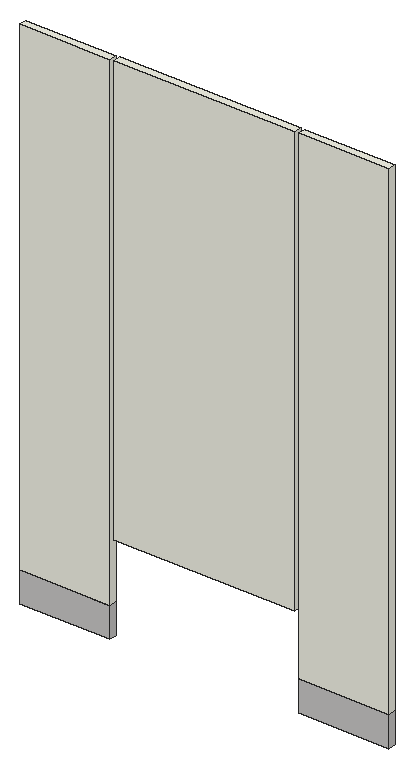
Revit family
Parameters (values of type "B-1041")
  URL = "http://www.bobrick.com"
  Partition Material = Laminated Plastic - Bobrick - Designer White
  Panel Value = if(DoorPanel Width < 1", 1", if(DoorPanel Width > 84", 84", DoorPanel Width))  # 24"
  Model = "B1041 DesignerSeries Floor-Anchored"
  Manufacturer = "Bobrick Washroom Equipment, Inc."
  Inswing Value = if(DoorPanel Width < 22", 22", if(DoorPanel Width > 37", 37", DoorPanel Width))  # 24"
  DoorPanel Width = 24"
  Right Stile Width = 12"
  Right Stile Visible = yes
  Right Stile Value = if(Right Stile Width < 3", 3", if(Right Stile Width > 24", 24", Right Stile Width))  # 12"
  Panel = not(Door Panel)  # no
  Outswing Value = if(DoorPanel Width < 25", 25", if(DoorPanel Width > 37", 37", DoorPanel Width))  # 25"
  Outswing = and(not(Inswing Visibility), Door Panel)  # no
  Left Stile Width = 12"
  Left Stile Visible = yes
  Left Stile Value = if(Left Stile Width < 3", 3", if(Left Stile Width > 24", 24", Left Stile Width))  # 12"
  Inswing Visibility = and(Inswing, Door Panel)  # yes
  Inswing = yes
  Width Value = if(Inswing Visibility, Inswing Value, if(Outswing, Outswing Value, if(Panel, Panel Value, 36")))  # 24"
  Door Panel = yes
  Description = "Partitions and Screens with Laminated Plastic Surfaces and Edges"
  Assembly Code = "C1030200"
  ADA Compliant = yes
Reference planes (in)
  plane 1 "Center (Front/Back)": y = 0
  plane 2: z = 0
  plane 3 "Center (Left/Right)": x = 0
  plane 4: x = -24.5
  plane 5: x = 24.5
  plane 6: y = 0.5
  plane 7: y = -0.5
  plane 8: x = -12.5
  plane 9: x = 12.5
  plane 10: x = -12
  plane 11: x = 12
  plane 12: z = 4
  plane 13: z = 12
  plane 14: z = 69
  plane 15: z = 40.5
  plane 16: y = 24.5
  plane 17: x = 11
Forms (in)
  Extrusion 1, solid, material "Laminated Plastic - Bobrick - Designer White" <- "Partition Material", visible <- "Left Stile Visible"
    sketch origin (0, 0, 0) x (1, 0, 0) y (0, 1, 0)
      loop
        line (-24.5, 0.5) -> (-24.5, -0.5) -> (-12.5, -0.5) -> (-12.5, 0.5) -> (-24.5, 0.5)
    from 4 to 69
  Extrusion 2, solid, material "Stainless Steel - Bobrick - Satin", visible <- "Left Stile Visible"
    sketch origin (0, 0, 0) x (1, 0, 0) y (0, 1, 0)
      loop
        line (-24.5, 0.5) -> (-24.5, -0.5) -> (-12.5, -0.5) -> (-12.5, 0.5) -> (-24.5, 0.5)
    from 0 to 4
  Extrusion 3, solid, material "Laminated Plastic - Bobrick - Designer White" <- "Partition Material"
    sketch origin (0, 0, 0) x (1, 0, 0) y (0, 1, 0)
      loop
        line (-12, 0.5) -> (-12, -0.5) -> (12, -0.5) -> (12, 0.5) -> (-12, 0.5)
    from 12 to 69
  Extrusion 4, solid, material "Laminated Plastic - Bobrick - Designer White" <- "Partition Material", visible <- "Right Stile Visible"
    sketch origin (0, 0, 0) x (-1, 0, 0) y (0, -1, 0)
      loop
        line (-24.5, -0.5) -> (-12.5, -0.5) -> (-12.5, 0.5) -> (-24.5, 0.5) -> (-24.5, -0.5)
    from 4 to 69
  Extrusion 5, solid, material "Stainless Steel - Bobrick - Satin", visible <- "Right Stile Visible"
    sketch origin (0, 0, 0) x (-1, 0, 0) y (0, -1, 0)
      loop
        line (-24.5, -0.5) -> (-12.5, -0.5) -> (-12.5, 0.5) -> (-24.5, 0.5) -> (-24.5, -0.5)
    from 0 to 4
Lines and regions (in)
  Masking region 1, visible <- "Left Stile Visible"
    outline origin (0, 0, 0) x (1, 0, 0) y (0, 0, 1)
      loop
        line (-24.5, 69) -> (-24.5, 0) -> (-12.5, 0) -> (-12.5, 69) -> (-24.5, 69)
  Masking region 2
    outline origin (0, 0, 0) x (1, 0, 0) y (0, 0, 1)
      loop
        line (-12, 69) -> (-12, 12) -> (12, 12) -> (12, 69) -> (-12, 69)
  Masking region 3, visible <- "Right Stile Visible"
    outline origin (0, 0, 0) x (1, 0, 0) y (0, 0, 1)
      loop
        line (12.5, 69) -> (12.5, 0) -> (24.5, 0) -> (24.5, 69) -> (12.5, 69)
  Masking region 4, visible <- "Door Panel"
    outline origin (0, 0, 0) x (1, 0, 0) y (0, 1, 0)
      loop
        line (11, 24.5) -> (11, 0.5) -> (12, 0.5) -> (12, 24.5) -> (11, 24.5)
  Masking region 5, visible <- "Left Stile Visible"
    outline origin (0, 0, 0) x (1, 0, 0) y (0, 1, 0)
      loop
        line (-24.5, 0.5) -> (-24.5, -0.5) -> (-12.5, -0.5) -> (-12.5, 0.5) -> (-24.5, 0.5)
  Masking region 6, visible <- "Right Stile Visible"
    outline origin (0, 0, 0) x (1, 0, 0) y (0, 1, 0)
      loop
        line (12.5, 0.5) -> (12.5, -0.5) -> (24.5, -0.5) -> (24.5, 0.5) -> (12.5, 0.5)
  Masking region 7, visible <- "Panel"
    outline origin (0, 0, 0) x (1, 0, 0) y (0, 1, 0)
      loop
        line (-12, -0.5) -> (12, -0.5) -> (12, 0.5) -> (-12, 0.5) -> (-12, -0.5)
  Masking region 8
    outline origin (0, 0, 0) x (0, 1, 0) y (0, 0, 1)
      loop
        line (0.5, 69) -> (-0.5, 69) -> (-0.5, 0) -> (0.5, 0) -> (0.5, 69)
  symbolic lines, visible <- "Left Stile Visible"
    curve 1: line (-24.5, 0, 4) -> (-12.5, 0, 4)
  symbolic lines, visible <- "Right Stile Visible"
    curve 2: line (12.5, 0, 4) -> (24.5, 0, 4)
  symbolic lines, style "Partition Elevation Swing", visible <- "Door Panel"
    curve 3: line (-12, 0, 69) -> (12, 0, 40.39791)
    curve 4: line (12, 0, 40.39791) -> (-12, 0, 12)
    curve 5: arc (-12, 0.5, 0) -> (-4.97056, 17.47056, 0) -> (12, 24.5, 0) r 24
  symbolic lines, style "Partition"
    curve 6: line (0, 0.5, 4) -> (0, -0.5, 4)
Dimensions and locks (in)
  equal spacing: host sketch curve, plane 1 "Center (Front/Back)", host sketch curve
  equal spacing: host sketch curve, plane 3 "Center (Left/Right)", host sketch curve
  host sketch curve to host sketch curve = 120"  (x2)
  locked: plane 8 to plane 10 at 0.5
  locked: plane 11 to plane 9 at 0.5
  "Width Value": plane 10 to plane 11
  equal spacing: plane 10, plane 3 "Center (Left/Right)", plane 11
  "Left Stile Value": plane 4 to plane 8
  "Right Stile Value": plane 9 to plane 5
  locked: plane 12 to level at 4
  locked: plane 13 to level at 12
  locked: plane 14 to level at 69
  locked: plane 6 to plane 7 at 1
  equal spacing: plane 6, plane 1 "Center (Front/Back)", plane 7
  equal spacing: plane 14, plane 15, plane 13
  "Width Value": plane 16 to plane 6
  locked: plane 17 to plane 11 at 1
  aligned and locked: level to plane 2
  aligned and locked: Extrusion 1 sketch curve to plane 6
  aligned and locked: plane 4 to Extrusion 1 sketch curve
  aligned and locked: plane 7 to Extrusion 1 sketch curve
  aligned and locked: Extrusion 1 sketch curve to plane 8
  aligned: Extrusion 1 to level
  aligned and locked: plane 14 to Extrusion 1
  aligned and locked: Extrusion 1 to plane 12
  aligned and locked: plane 4 to Extrusion 2 sketch curve
  aligned and locked: Extrusion 2 sketch curve to plane 6
  aligned and locked: Extrusion 2 sketch curve to plane 8
  aligned and locked: plane 7 to Extrusion 2 sketch curve
  aligned and locked: plane 12 to Extrusion 2
  aligned and locked: Extrusion 2 to level
  aligned and locked: plane 10 to Extrusion 3 sketch curve
  aligned and locked: Extrusion 3 sketch curve to plane 6
  aligned and locked: plane 7 to Extrusion 3 sketch curve
  aligned and locked: Extrusion 3 sketch curve to plane 11
  aligned and locked: plane 14 to Extrusion 3
  aligned and locked: Extrusion 3 to plane 13
  aligned and locked: Extrusion 5 sketch curve to plane 9
  aligned and locked: plane 6 to Extrusion 5 sketch curve
  aligned and locked: plane 5 to Extrusion 5 sketch curve
  aligned and locked: Extrusion 5 sketch curve to plane 7
  aligned and locked: Extrusion 4 sketch curve to plane 9
  aligned and locked: plane 6 to Extrusion 4 sketch curve
  aligned and locked: Extrusion 4 sketch curve to plane 7
  aligned and locked: plane 5 to Extrusion 4 sketch curve
  aligned and locked: plane 14 to Extrusion 4
  aligned and locked: Masking region 1 sketch curve to plane 14
  aligned and locked: Masking region 1 sketch curve to plane 4
  aligned and locked: Masking region 1 sketch curve to level
  aligned and locked: Masking region 1 sketch curve to plane 8
  aligned and locked: Masking region 2 sketch curve to plane 14
  aligned and locked: Masking region 2 sketch curve to plane 10
  aligned and locked: Masking region 2 sketch curve to plane 11
  aligned and locked: Masking region 2 sketch curve to plane 13
  aligned and locked: Masking region 3 sketch curve to plane 14
  aligned and locked: Masking region 3 sketch curve to plane 9
  aligned and locked: Masking region 3 sketch curve to plane 5
  aligned and locked: Masking region 3 sketch curve to level
  aligned and locked: curve 1 to plane 12
  aligned and locked: plane 4 to curve 1
  aligned and locked: plane 8 to curve 1
  aligned and locked: curve 2 to plane 12
  aligned and locked: plane 5 to curve 2
  aligned and locked: plane 9 to curve 2
  aligned and locked: plane 14 to curve 3
  aligned and locked: plane 10 to curve 3
  aligned and locked: plane 11 to curve 4
  aligned and locked: plane 10 to curve 4
  aligned and locked: plane 13 to curve 4
  aligned and locked: Masking region 4 sketch curve to plane 16
  aligned and locked: plane 17 to Masking region 4 sketch curve
  aligned and locked: plane 6 to Masking region 4 sketch curve
  aligned and locked: Masking region 4 sketch curve to plane 11
  aligned and locked: Masking region 5 sketch curve to plane 6
  aligned and locked: plane 4 to Masking region 5 sketch curve
  aligned and locked: plane 7 to Masking region 5 sketch curve
  aligned and locked: Masking region 5 sketch curve to plane 8
  aligned and locked: Masking region 6 sketch curve to plane 6
  aligned and locked: plane 9 to Masking region 6 sketch curve
  aligned and locked: plane 7 to Masking region 6 sketch curve
  aligned and locked: Masking region 6 sketch curve to plane 5
  aligned and locked: Masking region 4 to curve 5
  aligned and locked: plane 10 to curve 5
  aligned and locked: plane 6 to curve 5  (x2)
  aligned and locked: plane 11 to curve 5
  aligned and locked: Masking region 7 sketch curve to plane 7
  aligned and locked: Masking region 7 sketch curve to plane 10
  aligned and locked: plane 6 to Masking region 7 sketch curve
  aligned and locked: plane 11 to Masking region 7 sketch curve
  aligned and locked: level to Masking region 8 sketch curve
  aligned and locked: Masking region 8 sketch curve to plane 14
  aligned and locked: Masking region 8 sketch curve to plane 6
  aligned and locked: plane 7 to Masking region 8 sketch curve
  aligned and locked: plane 12 to curve 6
  aligned and locked: plane 7 to curve 6
  aligned and locked: plane 6 to curve 6
  aligned and locked: Extrusion 5 to level
  aligned and locked: Extrusion 4 to plane 12
  aligned and locked: plane 12 to Extrusion 5
Automatic sketch dimensions
  curve 4 to plane 15 = 0.10209"
